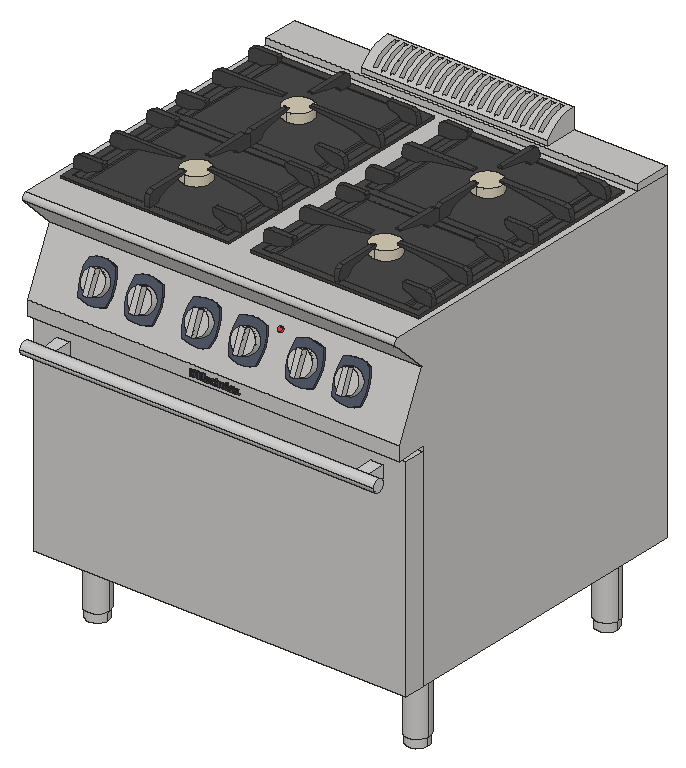
Revit family "QF_ELECTROLUXPROFESSIONAL_371003_E7GCGH4CE0", category Specialty Equipment, Revit 2018 (continued)
Automatic sketch dimensions
  Extrusion 26 sketch curve to Extrusion 26 sketch curve = 1.547 mm
  Extrusion 26 sketch curve to Extrusion 26 sketch curve = 0.717 mm  (x2)
  Extrusion 26 sketch curve to Extrusion 26 sketch curve = 1.667 mm
  plane 7 "Center Y" to Extrusion 26 sketch curve = 44.532 mm
  Extrusion 26 sketch curve to Extrusion 26 sketch curve = 3.174 mm
  plane 7 "Center Y" to Extrusion 26 sketch curve = 0.368 mm
  Extrusion 26 sketch curve to Extrusion 26 sketch curve = 0.388 mm
  Extrusion 26 sketch curve to Extrusion 26 sketch curve = 1.342 mm
  plane 7 "Center Y" to Extrusion 26 sketch curve = 50.135 mm
  Extrusion 26 sketch curve to Extrusion 26 sketch curve = 1.521 mm
  plane 7 "Center Y" to Extrusion 26 sketch curve = 51.694 mm
  Extrusion 26 sketch curve to Extrusion 26 sketch curve = 0.124 mm
  Extrusion 26 sketch curve to Extrusion 26 sketch curve = 0.291 mm
  plane 7 "Center Y" to Extrusion 26 sketch curve = 7.285 mm
  Extrusion 26 sketch curve to Extrusion 26 sketch curve = 1.049 mm  (x2)
  plane 7 "Center Y" to Extrusion 26 sketch curve = 47.668 mm
  Extrusion 26 sketch curve to Extrusion 26 sketch curve = 1.7 mm
  Extrusion 26 sketch curve to Extrusion 26 sketch curve = 0.894 mm
  Extrusion 26 sketch curve to Extrusion 26 sketch curve = 0.989 mm
  Extrusion 26 sketch curve to Extrusion 26 sketch curve = 1.168 mm
  Extrusion 26 sketch curve to Extrusion 26 sketch curve = 1.594 mm
  Extrusion 26 sketch curve to Extrusion 26 sketch curve = 0.731 mm
  Extrusion 26 sketch curve to Extrusion 26 sketch curve = 1.566 mm
  Extrusion 26 sketch curve to Extrusion 26 sketch curve = 0.064 mm
  plane 7 "Center Y" to Extrusion 26 sketch curve = 7.842 mm
  Extrusion 26 sketch curve to Extrusion 26 sketch curve = 0.556 mm
  Extrusion 26 sketch curve to Extrusion 26 sketch curve = 0.48 mm
  Extrusion 26 sketch curve to Extrusion 26 sketch curve = 0.228 mm
  Extrusion 26 sketch curve to Extrusion 26 sketch curve = 1.018 mm
  plane 7 "Center Y" to Extrusion 26 sketch curve = 37.429 mm
  Extrusion 26 sketch curve to Extrusion 26 sketch curve = 0.787 mm
  Extrusion 26 sketch curve to Extrusion 26 sketch curve = 0.618 mm
  plane 7 "Center Y" to Extrusion 26 sketch curve = 42.486 mm
  Extrusion 26 sketch curve to Extrusion 26 sketch curve = 1.672 mm
  plane 7 "Center Y" to Extrusion 26 sketch curve = 53.436 mm
  Extrusion 26 sketch curve to Extrusion 26 sketch curve = 1.361 mm
  Extrusion 26 sketch curve to Extrusion 26 sketch curve = 0.822 mm
  Extrusion 26 sketch curve to Extrusion 26 sketch curve = 0.069 mm
  Extrusion 26 sketch curve to Extrusion 26 sketch curve = 1.88 mm
  plane 7 "Center Y" to Extrusion 26 sketch curve = 35.269 mm
  Extrusion 26 sketch curve to Extrusion 26 sketch curve = 0.42 mm
  Extrusion 26 sketch curve to Extrusion 26 sketch curve = 0.062 mm
  Extrusion 26 sketch curve to Extrusion 26 sketch curve = 1.355 mm
  Extrusion 26 sketch curve to Extrusion 26 sketch curve = 2.34 mm
  Extrusion 26 sketch curve to Extrusion 26 sketch curve = 0.493 mm
  Extrusion 26 sketch curve to Extrusion 26 sketch curve = 0.136 mm
  Extrusion 26 sketch curve to Extrusion 26 sketch curve = 0.128 mm
  Extrusion 26 sketch curve to Extrusion 26 sketch curve = 3.616 mm
  Extrusion 26 sketch curve to Extrusion 26 sketch curve = 4.207 mm
  Extrusion 26 sketch curve to Extrusion 26 sketch curve = 0.183 mm
  Extrusion 26 sketch curve to Extrusion 26 sketch curve = 0.895 mm
  Extrusion 26 sketch curve to Extrusion 26 sketch curve = 1.314 mm
  Extrusion 26 sketch curve to Extrusion 26 sketch curve = 3.231 mm
  Extrusion 26 sketch curve to plane 7 "Center Y" = 23.526 mm
  Extrusion 26 sketch curve to Extrusion 26 sketch curve = 1.299 mm
  Extrusion 26 sketch curve to Extrusion 26 sketch curve = 1.214 mm
  plane 7 "Center Y" to Extrusion 26 sketch curve = 26.369 mm
  Extrusion 26 sketch curve to Extrusion 26 sketch curve = 1.264 mm
  Extrusion 26 sketch curve to Extrusion 26 sketch curve = 0.109 mm
  Extrusion 26 sketch curve to Extrusion 26 sketch curve = 0.357 mm
  Extrusion 26 sketch curve to Extrusion 26 sketch curve = 0.565 mm
  Extrusion 26 sketch curve to Extrusion 26 sketch curve = 2.504 mm
  Extrusion 26 sketch curve to Extrusion 26 sketch curve = 2.459 mm
  Extrusion 26 sketch curve to Extrusion 26 sketch curve = 0.983 mm
  Extrusion 26 sketch curve to Extrusion 26 sketch curve = 0.422 mm  (x2)
  Extrusion 26 sketch curve to Extrusion 26 sketch curve = 1.268 mm
  Extrusion 26 sketch curve to Extrusion 26 sketch curve = 0.671 mm
  Extrusion 26 sketch curve to Extrusion 26 sketch curve = 1.634 mm
  Extrusion 26 sketch curve to Extrusion 26 sketch curve = 0.132 mm
  Extrusion 26 sketch curve to Extrusion 26 sketch curve = 0.586 mm
  Extrusion 26 sketch curve to Extrusion 26 sketch curve = 1.241 mm
  Extrusion 26 sketch curve to Extrusion 26 sketch curve = 1.689 mm
  Extrusion 26 sketch curve to Extrusion 26 sketch curve = 0.627 mm
  Extrusion 26 sketch curve to Extrusion 26 sketch curve = 0.419 mm
  Extrusion 26 sketch curve to Extrusion 26 sketch curve = 1.514 mm
  Extrusion 26 sketch curve to Extrusion 26 sketch curve = 1.019 mm
  Extrusion 26 sketch curve to Extrusion 26 sketch curve = 0.065 mm
  Extrusion 26 sketch curve to Extrusion 26 sketch curve = 1.215 mm
  Extrusion 26 sketch curve to Extrusion 26 sketch curve = 1.122 mm
  Extrusion 26 sketch curve to Extrusion 26 sketch curve = 1.153 mm
  Extrusion 26 sketch curve to Extrusion 26 sketch curve = 1.223 mm
  Extrusion 26 sketch curve to Extrusion 26 sketch curve = 0.934 mm
  Extrusion 26 sketch curve to Extrusion 26 sketch curve = 3.376 mm
  Extrusion 26 sketch curve to Extrusion 26 sketch curve = 0.222 mm
  Extrusion 26 sketch curve to Extrusion 26 sketch curve = 1.383 mm
  Extrusion 26 sketch curve to Extrusion 26 sketch curve = 1.556 mm
  Extrusion 26 sketch curve to Extrusion 26 sketch curve = 2.559 mm
  Extrusion 26 sketch curve to Extrusion 26 sketch curve = 2.51 mm
  Extrusion 26 sketch curve to Extrusion 26 sketch curve = 0.131 mm
  Extrusion 26 sketch curve to Extrusion 26 sketch curve = 1.134 mm
  Extrusion 26 sketch curve to Extrusion 26 sketch curve = 0.094 mm
  Extrusion 26 sketch curve to Extrusion 26 sketch curve = 1.584 mm
  Extrusion 26 sketch curve to Extrusion 26 sketch curve = 0.27 mm
  Extrusion 26 sketch curve to Extrusion 26 sketch curve = 0.916 mm
  Extrusion 26 sketch curve to Extrusion 26 sketch curve = 0.352 mm
  Extrusion 26 sketch curve to Extrusion 26 sketch curve = 0.458 mm
  Extrusion 26 sketch curve to Extrusion 26 sketch curve = 1.282 mm
  Extrusion 26 sketch curve to Extrusion 26 sketch curve = 1.363 mm
  Extrusion 26 sketch curve to Extrusion 26 sketch curve = 0.685 mm
  Extrusion 26 sketch curve to Extrusion 26 sketch curve = 0.905 mm
  Extrusion 26 sketch curve to Extrusion 26 sketch curve = 1.477 mm
  Extrusion 26 sketch curve to Extrusion 26 sketch curve = 0.472 mm
  Extrusion 26 sketch curve to Extrusion 26 sketch curve = 0.101 mm
  Extrusion 26 sketch curve to Extrusion 26 sketch curve = 0.54 mm
  Extrusion 26 sketch curve to Extrusion 26 sketch curve = 0.02 mm
  Extrusion 26 sketch curve to Extrusion 26 sketch curve = 0.829 mm
  Extrusion 26 sketch curve to Extrusion 26 sketch curve = 0.582 mm
  Extrusion 26 sketch curve to Extrusion 26 sketch curve = 0.166 mm
  Extrusion 26 sketch curve to Extrusion 26 sketch curve = 0.16 mm
  Extrusion 26 sketch curve to Extrusion 26 sketch curve = 1.118 mm
  Extrusion 26 sketch curve to Extrusion 26 sketch curve = 0.613 mm
  Extrusion 26 sketch curve to Extrusion 26 sketch curve = 0.781 mm
  Extrusion 26 sketch curve to Extrusion 26 sketch curve = 0.361 mm
  Extrusion 26 sketch curve to Extrusion 26 sketch curve = 0.897 mm
  Extrusion 26 sketch curve to Extrusion 26 sketch curve = 0.167 mm
  Extrusion 26 sketch curve to Extrusion 26 sketch curve = 0.292 mm
  Extrusion 26 sketch curve to Extrusion 26 sketch curve = 0.305 mm
  Extrusion 26 sketch curve to Extrusion 26 sketch curve = 1.557 mm
  Extrusion 26 sketch curve to Extrusion 26 sketch curve = 2.499 mm
  Extrusion 26 sketch curve to Extrusion 26 sketch curve = 3.062 mm
  Extrusion 26 sketch curve to Extrusion 26 sketch curve = 2.968 mm
  Extrusion 26 sketch curve to Extrusion 26 sketch curve = 5.044 mm
  Extrusion 26 sketch curve to Extrusion 26 sketch curve = 0.629 mm  (x2)
  Extrusion 26 sketch curve to Extrusion 26 sketch curve = 1.131 mm
  Extrusion 26 sketch curve to Extrusion 26 sketch curve = 0.137 mm
  Extrusion 26 sketch curve to Extrusion 26 sketch curve = 0.027 mm
  Extrusion 26 sketch curve to Extrusion 26 sketch curve = 2.046 mm
  Extrusion 26 sketch curve to Extrusion 26 sketch curve = 2.235 mm
  radius of Extrusion 9 sketch curve = 12.7 mm
  radius of Extrusion 12 sketch curve = 25.4 mm  (x6)
  radius of Extrusion 13 sketch curve = 6.35 mm
  radius of Extrusion 24 sketch curve = 5 mm
  radius of Extrusion 25 sketch curve = 3.175 mm
Nested families
  nested 1: "371009_BURNER" at (8.5, -5, 0), type "371009_BURNER"
    with Type Mark "", Status "", Specification by User "", Revision Code "", Item Number "", Installed By "", Identify Quantity as Lot yes, Furnished By "", Foodservice Equipment Identifier yes
  nested 2: "371009_BURNER" at (8.5, -739.127, 0), type "371009_BURNER"
    with Type Mark "", Status "", Specification by User "", Revision Code "", Item Number "", Installed By "", Identify Quantity as Lot yes, Furnished By "", Foodservice Equipment Identifier yes
  nested 3: "371009_BURNER" at (416.5, -5, 0), type "371009_BURNER"
    with Type Mark "", Status "", Specification by User "", Revision Code "", Item Number "", Installed By "", Identify Quantity as Lot yes, Furnished By "", Foodservice Equipment Identifier yes
  nested 4: "371009_BURNER" at (416.5, -739.127, 0), type "371009_BURNER"
    with Type Mark "", Status "", Specification by User "", Revision Code "", Item Number "", Installed By "", Identify Quantity as Lot yes, Furnished By "", Foodservice Equipment Identifier yes
Connectors
  piping at (747.613, -464, 141.185), diameter 12.8
    settings: on Extrusion 13, index 1, connector inside diameter 0.50394", connector length 0 mm, flow factor 0, pipe flow 0 GPM, pressure drop 0.00 psi, fitting loss kfactor 0, connector angle 0.00°, fixture units 0, engagement length 0 mm, angle of deflection 0.00°, flow configuration 1, flow direction 1, fitting loss method 0, system type 7, joint type 0, gender type 0, connector reference index -1, connector utility 0, adjustable connector no, is connector primary yes, connector description "Gas Inlet"
  electrical at (747.612, -514, 148.088), driven by "Volts", driven by "Watts"
    settings: on Extrusion 25, index 2, voltage 400 V, apparent load 6000 VA, apparent load phase1 0 VA, apparent load phase2 0 VA, apparent load phase3 0 VA, power factor 1, load classification "Other", number of poles 1, system type 30, power factor state 1, is connector primary yes, connector utility no, sub classification motor no, connector description "Electrical Connection"
Definition of nested family "371009_BURNER"
  Parameters
    Weight in Pounds = 0
    URL Cutsheet = ""
    URL = "www.electrolux.com"
    Type Mark [instance] = ""
    Status [instance] = ""
    Specification by User [instance] = ""
    Specification by Manufacturer = ""
    Serial Number = ""
    Seismic Rating = ""
    SMACNA No = ""
    Revision Code [instance] = ""
    Omniclass Number and Title = ""
    NAFEM Spec ID Number = ""
    Model = "371009"
    Masterspec = ""
    Manufacturer = "ELECTROLUX"
    Item Number [instance] = ""
    Installed By [instance] = ""
    Identify Quantity as Lot [instance] = yes
    Furnished By [instance] = ""
    Foodservice Equipment Identifier [instance] = yes
    Description = ""
    CSI MasterFormat = ""
    CSI Master Format = ""
  Reference planes
    plane 1 "BACK": y = 0
    plane 2: z = 0
    plane 3 "LEFT": x = 0
    plane 4 "RIGHT": x = 800
    plane 5 "FRONT": y = -700
    plane 6 "TOP": z = 908.85
    plane 7 "Center Y": x = 400
    plane 8 "Center X": y = -350
    plane 9 "Base": z = 150
    plane 10: z = 850.85
  Forms (mm)
    Extrusion 1, solid
      sketch origin (0, -734.127, 5) x (1, 0, 0) y (0, 0, -1)
        loop
          arc (7.142, -850.85) -> (6.739, -862.989) -> (9.761, -874.752) r 42.809
          line (9.761, -874.752) -> (19.961, -879.425) -> (157.339, -879.425)
          arc (157.339, -879.425) -> (158.533, -878.312) -> (157.506, -877.043) r 1.197
          line (157.506, -877.043) -> (64.848, -864.021)
          arc (64.848, -864.021) -> (50.111, -858.738) -> (36.589, -850.85) r 85.245
          line (36.589, -850.85) -> (7.142, -850.85)
        loop
          line (367.858, -850.85) -> (338.411, -850.85)
          arc (338.411, -850.85) -> (324.889, -858.738) -> (310.152, -864.021) r 85.245
          line (310.152, -864.021) -> (217.494, -877.043)
          arc (217.494, -877.043) -> (216.467, -878.312) -> (217.661, -879.425) r 1.197
          line (217.661, -879.425) -> (355.039, -879.425) -> (365.239, -874.752)
          arc (365.239, -874.752) -> (368.261, -862.989) -> (367.858, -850.85) r 42.809
      from 224.564 to 234.564
    Extrusion 2, solid
      sketch origin (0, -734.127, 5) x (1, 0, 0) y (0, 0, -1)
        loop
          arc (7.056, -850.85) -> (6.705, -862.948) -> (9.748, -874.663) r 42.876
          line (9.748, -874.663) -> (19.961, -879.425) -> (65.851, -879.425)
          arc (65.851, -879.425) -> (68.577, -878.352) -> (69.841, -875.709) r 4
          arc (69.841, -875.709) -> (68.75, -869.25) -> (64.816, -864.012) r 13.87
          arc (64.816, -864.012) -> (50.096, -858.731) -> (36.589, -850.85) r 85.245
          line (36.589, -850.85) -> (7.056, -850.85)
        loop
          line (367.944, -850.85) -> (338.411, -850.85)
          arc (338.411, -850.85) -> (324.904, -858.731) -> (310.184, -864.012) r 85.245
          arc (310.184, -864.012) -> (306.25, -869.25) -> (305.159, -875.709) r 13.87
          arc (305.159, -875.709) -> (306.423, -878.352) -> (309.149, -879.425) r 4
          line (309.149, -879.425) -> (355.039, -879.425) -> (365.252, -874.663)
          arc (365.252, -874.663) -> (368.295, -862.948) -> (367.944, -850.85) r 42.876
      from 127.064 to 137.064
    Extrusion 3, solid
      sketch origin (0, -275, 5) x (1, 0, 0) y (0, 0, 1)
        loop
          arc (64.816, 864.012) -> (68.75, 869.25) -> (69.841, 875.709) r 13.87
          arc (69.841, 875.709) -> (68.577, 878.352) -> (65.851, 879.425) r 4
          line (65.851, 879.425) -> (19.961, 879.425) -> (9.748, 874.663)
          arc (9.748, 874.663) -> (6.705, 862.948) -> (7.056, 850.85) r 42.876
          line (7.056, 850.85) -> (36.589, 850.85)
          arc (36.589, 850.85) -> (50.096, 858.731) -> (64.816, 864.012) r 85.245
        loop
          arc (310.184, 864.012) -> (324.904, 858.731) -> (338.411, 850.85) r 85.245
          line (338.411, 850.85) -> (367.944, 850.85)
          arc (367.944, 850.85) -> (368.295, 862.948) -> (365.252, 874.663) r 42.876
          line (365.252, 874.663) -> (355.039, 879.425) -> (309.149, 879.425)
          arc (309.149, 879.425) -> (306.423, 878.352) -> (305.159, 875.709) r 4
          arc (305.159, 875.709) -> (306.25, 869.25) -> (310.184, 864.012) r 13.87
      from 127.064 to 137.064
    Extrusion 4, solid
      sketch origin (454.964, -29.48, 5) x (0, -1, 0) y (0, 0, 1)
        loop
          arc (366.649, 850.85) -> (375.927, 861.743) -> (389.337, 866.736) r 28.426
          line (389.337, 866.736) -> (441.256, 877.043)
          arc (441.256, 877.043) -> (442.283, 878.312) -> (441.089, 879.425) r 1.197
          line (441.089, 879.425) -> (347.797, 879.425)
          arc (347.797, 879.425) -> (343.211, 875.934) -> (337.583, 874.694) r 13.39
          line (337.583, 874.694) -> (337.583, 850.85) -> (366.649, 850.85)
        loop
          arc (606.236, 850.85) -> (606.587, 862.948) -> (603.543, 874.663) r 42.876
          line (603.543, 874.663) -> (593.33, 879.425) -> (509.077, 879.425)
          arc (509.077, 879.425) -> (507.883, 878.312) -> (508.911, 877.043) r 1.197
          line (508.911, 877.043) -> (560.83, 866.736)
          arc (560.83, 866.736) -> (574.239, 861.743) -> (583.518, 850.85) r 28.426
          line (583.518, 850.85) -> (606.236, 850.85)
      from 262.464 to 272.464
    Extrusion 5, solid
      sketch origin (0, 0, 850.85) x (0, -1, 0) y (1, 0, 0)
        loop
          line (642.216, 6.433) -> (642.216, 368.567) -> (367.857, 368.567) -> (367.857, 6.433) -> (642.216, 6.433)
        loop
          line (382.857, 21.433) -> (627.216, 21.433) -> (627.216, 353.567) -> (382.857, 353.567) -> (382.857, 21.433)
      from 0 to 5
    Extrusion 6, solid
      sketch origin (-12.5, 0, 855.85) x (0, -1, 0) y (1, 0, 0)
        loop
          circle (504.356, 200) r 30
      from -1.321 to 17.134
    Extrusion 7, solid
      sketch origin (0, -734.127, 0) x (1, 0, 0) y (0, 0, -1)
        loop
          line (21.433, -855.85) -> (36.589, -855.85)
          arc (36.589, -855.85) -> (40.561, -855.243) -> (44.305, -853.783) r 18.259
          arc (44.305, -853.783) -> (45.997, -853.366) -> (47.69, -853.783) r 3.649
          arc (47.69, -853.783) -> (49.901, -854.522) -> (52.232, -854.529) r 7.328
          line (52.232, -854.529) -> (322.768, -854.529)
          arc (322.768, -854.529) -> (325.099, -854.522) -> (327.31, -853.783) r 7.328
          arc (327.31, -853.783) -> (329.003, -853.366) -> (330.695, -853.783) r 3.649
          arc (330.695, -853.783) -> (334.439, -855.243) -> (338.411, -855.85) r 18.259
          line (338.411, -855.85) -> (353.567, -855.85) -> (353.567, -850.85) -> (21.433, -850.85) -> (21.433, -855.85)
      from 106.911 to 351.27
  Lines and regions (mm)
    symbolic lines
      curve 1: line (6.433, -642.216, 150) -> (368.567, -642.216, 150)
      curve 2: line (6.433, -367.857, 150) -> (6.433, -642.216, 150)
      curve 3: line (368.567, -367.857, 150) -> (192.5, -367.857, 150)
      curve 4: line (368.567, -642.216, 150) -> (368.567, -367.857, 150)
      curve 5: line (353.567, -382.857, 150) -> (192.5, -382.857, 150)
      curve 6: line (353.567, -627.216, 150) -> (353.567, -607.064, 150)
      curve 7: line (21.433, -627.216, 150) -> (182.5, -627.216, 150)
      curve 8: line (21.433, -382.857, 150) -> (21.433, -402.064, 150)
      curve 9: line (52.232, -627.216, 150) -> (52.232, -607.064, 150)
      curve 10: line (322.567, -382.857, 150) -> (322.567, -402.064, 150)
      curve 11: line (148.125, -499.564, 150) -> (148.125, -382.857, 150)
      curve 12: line (154.375, -382.857, 150) -> (154.375, -499.564, 150)
      curve 13: arc (148.297, -509.564, 150) -> (159.191, -533.254, 150) -> (182.5, -544.942, 150) r 39.375
      curve 14: arc (220.42, -509.564, 150) -> (211.39, -528.832, 150) -> (192.5, -538.631, 150) r 33.125
      curve 15: line (220.625, -382.857, 150) -> (220.625, -499.564, 150)
      curve 16: line (226.875, -499.564, 150) -> (226.875, -382.857, 150)
      curve 17: line (192.5, -636.339, 150) -> (192.5, -535.619, 150)
      curve 18: arc (182.657, -474.75, 150) -> (166.195, -483.236, 150) -> (157.853, -499.771, 150) r 30
      curve 19: arc (192.224, -533.982, 150) -> (208.621, -525.661, 150) -> (217.084, -509.337, 150) r 30
      curve 20: line (368.567, -597.064, 150) -> (305.159, -597.064, 150)
      curve 21: line (6.433, -607.064, 150) -> (69.841, -607.064, 150)
      curve 22: line (6.433, -509.564, 150) -> (156.429, -509.564, 150)
      curve 23: line (368.567, -499.564, 150) -> (218.571, -499.564, 150)
      curve 24: line (6.433, -412.064, 150) -> (69.841, -412.064, 150)
      curve 25: line (368.567, -402.064, 150) -> (305.159, -402.064, 150)
      curve 26: line (69.841, -597.064, 150) -> (6.433, -597.064, 150)
      curve 27: line (305.159, -607.064, 150) -> (368.567, -607.064, 150)
      curve 28: line (69.841, -402.064, 150) -> (6.433, -402.064, 150)
      curve 29: line (305.159, -412.064, 150) -> (368.567, -412.064, 150)
      curve 30: arc (69.841, -597.064, 150) -> (74.841, -602.064, 150) -> (69.841, -607.064, 150) r 5
      curve 31: arc (305.159, -607.064, 150) -> (300.159, -602.064, 150) -> (305.159, -597.064, 150) r 5
      curve 32: arc (69.841, -402.064, 150) -> (74.841, -407.064, 150) -> (69.841, -412.064, 150) r 5
      curve 33: arc (305.159, -412.064, 150) -> (300.159, -407.064, 150) -> (305.159, -402.064, 150) r 5
      curve 34: line (21.433, -412.064, 150) -> (21.433, -499.564, 150)
      curve 35: line (52.232, -402.064, 150) -> (52.232, -382.857, 150)
      curve 36: line (21.433, -509.564, 150) -> (21.433, -597.064, 150)
      curve 37: line (52.232, -499.564, 150) -> (52.232, -412.064, 150)
      curve 38: line (52.232, -597.064, 150) -> (52.232, -509.564, 150)
      curve 39: line (21.433, -607.064, 150) -> (21.433, -627.216, 150)
      curve 40: line (322.567, -607.064, 150) -> (322.567, -627.216, 150)
      curve 41: line (353.567, -597.064, 150) -> (353.567, -509.564, 150)
      curve 42: line (322.567, -509.564, 150) -> (322.567, -597.064, 150)
      curve 43: line (353.567, -499.564, 150) -> (353.567, -412.064, 150)
      curve 44: line (353.567, -402.064, 150) -> (353.567, -382.857, 150)
      curve 45: line (322.567, -412.064, 150) -> (322.567, -499.564, 150)
      curve 46: line (156.429, -499.564, 150) -> (6.433, -499.564, 150)
      curve 47: line (218.571, -509.564, 150) -> (368.567, -509.564, 150)
      curve 48: arc (218.571, -499.564, 150) -> (213.571, -504.564, 150) -> (218.571, -509.564, 150) r 5
      curve 49: arc (156.429, -499.564, 150) -> (161.429, -504.564, 150) -> (156.429, -509.564, 150) r 5
      curve 50: arc (157.916, -509.337, 150) -> (166.379, -525.661, 150) -> (182.776, -533.982, 150) r 30
      curve 51: arc (217.147, -499.771, 150) -> (208.805, -483.236, 150) -> (192.343, -474.75, 150) r 30
      curve 52: line (182.5, -535.619, 150) -> (182.5, -636.339, 150)
      curve 53: line (192.5, -473.508, 150) -> (192.5, -367.064, 150)
      curve 54: arc (192.5, -535.619, 150) -> (187.5, -530.619, 150) -> (182.5, -535.619, 150) r 5
      curve 55: arc (192.5, -473.508, 150) -> (187.5, -478.508, 150) -> (182.5, -473.508, 150) r 5
      curve 56: line (182.5, -367.857, 150) -> (6.433, -367.857, 150)
      curve 57: line (182.5, -382.857, 150) -> (21.433, -382.857, 150)
      curve 58: arc (192.5, -404.571, 150) -> (196.398, -417.071, 150) -> (192.5, -429.571, 150) r 21.993
      curve 59: arc (196.181, -420.148, 150) -> (199.482, -417.071, 150) -> (196.181, -413.995, 150) r 3.084
      curve 60: arc (182.5, -404.571, 150) -> (178.602, -417.071, 150) -> (182.5, -429.571, 150) r 21.993
      curve 61: arc (178.819, -420.148, 150) -> (175.518, -417.071, 150) -> (178.819, -413.995, 150) r 3.084
      curve 62: line (182.5, -367.064, 150) -> (182.5, -473.508, 150)
      curve 63: arc (182.5, -538.631, 150) -> (163.61, -528.832, 150) -> (154.58, -509.564, 150) r 33.125
      curve 64: arc (192.5, -544.942, 150) -> (215.809, -533.254, 150) -> (226.703, -509.564, 150) r 39.375
      curve 65: line (182.5, -636.339, 150) -> (192.5, -636.339, 150)
      curve 66: line (182.5, -377.277, 150) -> (192.5, -377.277, 150)
      curve 67: line (182.5, -367.064, 150) -> (192.5, -367.064, 150)
      curve 68: line (192.5, -627.216, 150) -> (353.567, -627.216, 150)
  Dimensions and locks
    equal spacing: plane 3 "LEFT", plane 7 "Center Y", plane 4 "RIGHT"
    plane 3 "LEFT" to plane 4 "RIGHT" = 800 mm
    equal spacing: plane 5 "FRONT", plane 8 "Center X", plane 1 "BACK"
    plane 5 "FRONT" to plane 1 "BACK" = 700 mm
    plane 6 "TOP" to level = 908.85 mm
    plane 9 "Base" to level = 150 mm
    plane 6 "TOP" to plane 10 = 58 mm  (x2)
    aligned and locked: level to plane 2
  Automatic sketch dimensions
    Extrusion 5 sketch curve to Extrusion 5 sketch curve = 15 mm  (x2)
    Extrusion 5 sketch curve to Extrusion 5 sketch curve = 332.134 mm
    plane 3 "LEFT" to Extrusion 2 sketch curve = 7.056 mm
    plane 3 "LEFT" to Extrusion 2 sketch curve = 9.748 mm
    Extrusion 2 sketch curve to Extrusion 2 sketch curve = 10.213 mm  (x2)
    plane 10 to Extrusion 2 sketch curve = 5 mm  (x2)
    Extrusion 2 sketch curve to Extrusion 2 sketch curve = 29.533 mm
    Extrusion 2 sketch curve to Extrusion 2 sketch curve = 12.72 mm  (x2)
    Extrusion 2 sketch curve to Extrusion 2 sketch curve = 6.697 mm
    Extrusion 2 sketch curve to Extrusion 2 sketch curve = 8.81 mm
    Extrusion 2 sketch curve to Extrusion 2 sketch curve = 9.845 mm  (x2)
    Extrusion 2 sketch curve to Extrusion 2 sketch curve = 3.99 mm  (x2)
    Extrusion 2 sketch curve to Extrusion 2 sketch curve = 0 mm  (x2)
    Extrusion 2 sketch curve to Extrusion 2 sketch curve = 36.813 mm
    Extrusion 2 sketch curve to plane 7 "Center Y" = 111.122 mm
    Extrusion 2 sketch curve to plane 6 "TOP" = 28.141 mm
    Extrusion 2 sketch curve to plane 7 "Center Y" = 94.841 mm
    Extrusion 2 sketch curve to Extrusion 2 sketch curve = 1.035 mm
    Extrusion 2 sketch curve to Extrusion 2 sketch curve = 15.507 mm
    Extrusion 2 sketch curve to Extrusion 2 sketch curve = 16.628 mm
    Extrusion 2 sketch curve to Extrusion 2 sketch curve = 2.692 mm
    Extrusion 2 sketch curve to plane 6 "TOP" = 24.425 mm
    Extrusion 2 sketch curve to Extrusion 2 sketch curve = 28.575 mm
    Extrusion 2 sketch curve to Extrusion 2 sketch curve = 3.716 mm
    Extrusion 2 sketch curve to Extrusion 2 sketch curve = 4.763 mm  (x2)
    plane 3 "LEFT" to Extrusion 1 sketch curve = 7.142 mm
    plane 3 "LEFT" to Extrusion 1 sketch curve = 9.761 mm
    Extrusion 1 sketch curve to Extrusion 1 sketch curve = 10.201 mm  (x2)
    plane 10 to Extrusion 1 sketch curve = 5 mm  (x2)
    Extrusion 1 sketch curve to Extrusion 1 sketch curve = 29.447 mm
    Extrusion 1 sketch curve to Extrusion 1 sketch curve = 12.704 mm  (x2)
    Extrusion 1 sketch curve to Extrusion 1 sketch curve = 15.555 mm  (x2)
    Extrusion 1 sketch curve to Extrusion 1 sketch curve = 36.829 mm
    Extrusion 1 sketch curve to plane 6 "TOP" = 24.425 mm  (x2)
    Extrusion 1 sketch curve to Extrusion 1 sketch curve = 92.491 mm
    Extrusion 1 sketch curve to plane 6 "TOP" = 26.807 mm  (x2)
    Extrusion 1 sketch curve to Extrusion 1 sketch curve = 0.167 mm  (x2)
    Extrusion 1 sketch curve to Extrusion 1 sketch curve = 59.988 mm
    Extrusion 1 sketch curve to plane 7 "Center Y" = 111.122 mm
    plane 10 to Extrusion 1 sketch curve = 18.171 mm
    Extrusion 1 sketch curve to Extrusion 1 sketch curve = 21.274 mm
    Extrusion 1 sketch curve to Extrusion 1 sketch curve = 16.628 mm
    Extrusion 1 sketch curve to Extrusion 1 sketch curve = 2.618 mm
    Extrusion 1 sketch curve to Extrusion 1 sketch curve = 4.673 mm  (x2)
    Extrusion 1 sketch curve to Extrusion 1 sketch curve = 5.694 mm
    plane 3 "LEFT" to Extrusion 3 sketch curve = 7.056 mm
    plane 3 "LEFT" to Extrusion 3 sketch curve = 9.748 mm
    Extrusion 3 sketch curve to Extrusion 3 sketch curve = 10.213 mm  (x2)
    plane 10 to Extrusion 3 sketch curve = 5 mm  (x2)
    Extrusion 3 sketch curve to Extrusion 3 sketch curve = 29.533 mm
    Extrusion 3 sketch curve to Extrusion 3 sketch curve = 12.72 mm  (x2)
    Extrusion 3 sketch curve to Extrusion 3 sketch curve = 6.697 mm
    Extrusion 3 sketch curve to Extrusion 3 sketch curve = 8.81 mm
    Extrusion 3 sketch curve to Extrusion 3 sketch curve = 9.845 mm  (x2)
    Extrusion 3 sketch curve to Extrusion 3 sketch curve = 3.99 mm  (x2)
    Extrusion 3 sketch curve to Extrusion 3 sketch curve = 0 mm  (x2)
    Extrusion 3 sketch curve to Extrusion 3 sketch curve = 36.813 mm
    Extrusion 3 sketch curve to plane 7 "Center Y" = 111.122 mm
    Extrusion 3 sketch curve to plane 6 "TOP" = 28.141 mm
    Extrusion 3 sketch curve to plane 7 "Center Y" = 94.841 mm
    Extrusion 3 sketch curve to Extrusion 3 sketch curve = 1.035 mm
    Extrusion 3 sketch curve to Extrusion 3 sketch curve = 15.507 mm
    Extrusion 3 sketch curve to Extrusion 3 sketch curve = 16.628 mm
    Extrusion 3 sketch curve to Extrusion 3 sketch curve = 2.692 mm
    Extrusion 3 sketch curve to plane 10 = 64.377 mm  (x2)
    plane 10 to Extrusion 3 sketch curve = 12.281 mm  (x2)
    Extrusion 3 sketch curve to Extrusion 3 sketch curve = 10.713 mm
    Extrusion 5 to Extrusion 6 sketch curve = 121.499 mm
    Extrusion 5 to Extrusion 6 sketch curve = 166.067 mm
    plane 3 "LEFT" to Extrusion 5 sketch curve = 21.433 mm
    Extrusion 5 sketch curve to plane 5 "FRONT" = 72.784 mm
    plane 3 "LEFT" to Extrusion 7 sketch curve = 21.433 mm
    Extrusion 7 sketch curve to Extrusion 7 sketch curve = 14.402 mm
    plane 10 to Extrusion 7 sketch curve = 5 mm
    plane 10 to Extrusion 7 sketch curve = 2.933 mm  (x4)
    Extrusion 7 sketch curve to Extrusion 7 sketch curve = 7.716 mm  (x2)
    Extrusion 7 sketch curve to Extrusion 7 sketch curve = 0 mm  (x2)
    Extrusion 7 sketch curve to Extrusion 7 sketch curve = 1.692 mm  (x2)
    Extrusion 7 sketch curve to Extrusion 7 sketch curve = 3.385 mm  (x2)
    Extrusion 7 sketch curve to plane 10 = 3.559 mm  (x2)
    Extrusion 7 sketch curve to Extrusion 7 sketch curve = 302.478 mm
    Extrusion 7 sketch curve to Extrusion 7 sketch curve = 15.253 mm
    Extrusion 7 sketch curve to Extrusion 7 sketch curve = 15.156 mm  (x2)
    Extrusion 7 sketch curve to Extrusion 7 sketch curve = 3.233 mm
    Extrusion 7 sketch curve to plane 10 = 0 mm
    Extrusion 7 sketch curve to plane 7 "Center Y" = 77.232 mm
    Extrusion 5 sketch curve to plane 8 "Center X" = 32.857 mm
    plane 3 "LEFT" to Extrusion 5 sketch curve = 6.433 mm
    plane 1 "BACK" to Extrusion 5 sketch curve = 367.857 mm
    plane 10 to Extrusion 4 sketch curve = 5 mm  (x2)
    Extrusion 4 sketch curve to Extrusion 4 sketch curve = 29.066 mm
    Extrusion 4 sketch curve to Extrusion 4 sketch curve = 22.688 mm
    Extrusion 4 sketch curve to plane 10 = 7.392 mm  (x2)
    Extrusion 4 sketch curve to Extrusion 4 sketch curve = 25.583 mm
    Extrusion 4 sketch curve to plane 6 "TOP" = 24.425 mm  (x2)
    Extrusion 4 sketch curve to Extrusion 4 sketch curve = 51.752 mm
    Extrusion 4 sketch curve to Extrusion 4 sketch curve = 0.167 mm  (x2)
    Extrusion 4 sketch curve to plane 6 "TOP" = 26.807 mm
    Extrusion 4 sketch curve to Extrusion 4 sketch curve = 67.655 mm
    Extrusion 4 sketch curve to Extrusion 4 sketch curve = 49.024 mm
    Extrusion 4 sketch curve to Extrusion 4 sketch curve = 2.895 mm
    Extrusion 4 sketch curve to Extrusion 4 sketch curve = 3.153 mm
    Extrusion 4 sketch curve to Extrusion 4 sketch curve = 19.535 mm
    Extrusion 4 sketch curve to Extrusion 4 sketch curve = 9.813 mm
    Extrusion 4 sketch curve to Extrusion 4 sketch curve = 10.213 mm
    Extrusion 4 sketch curve to Extrusion 4 sketch curve = 22.718 mm
    Extrusion 4 sketch curve to Extrusion 4 sketch curve = 8.605 mm
    Extrusion 4 sketch curve to Extrusion 4 sketch curve = 4.731 mm
    Extrusion 4 sketch curve to Extrusion 4 sketch curve = 2.382 mm
    Extrusion 4 sketch curve to Extrusion 4 sketch curve = 8.658 mm
    Extrusion 4 sketch curve to plane 8 "Center X" = 17.064 mm
    curve 13 to curve 14 = 0 mm  (x2)
    curve 13 to curve 63 = 0 mm  (x2)
    curve 13 to curve 64 = 0 mm  (x2)
    curve 18 to curve 19 = 0 mm  (x2)
    curve 18 to curve 50 = 0 mm  (x2)
    curve 18 to curve 51 = 0 mm  (x2)
    curve 25 to plane 7 "Center Y" = 31.433 mm
    curve 3 to curve 44 = 15 mm
    curve 43 to curve 44 = 0 mm
    curve 1 to curve 68 = 15 mm
    curve 41 to curve 43 = 0 mm
    curve 6 to curve 40 = 31 mm
    curve 41 to curve 42 = 31 mm
    curve 43 to curve 45 = 31 mm
    curve 10 to curve 45 = 0 mm
    curve 40 to curve 27 = 17.408 mm
    curve 45 to curve 29 = 17.408 mm
    curve 16 to curve 64 = 0.172 mm
    curve 16 to curve 15 = 6.25 mm
    curve 64 to curve 14 = 6.283 mm
    curve 15 to curve 23 = 2.054 mm
    curve 23 to curve 51 = 1.424 mm
    curve 47 to curve 19 = 1.487 mm
    curve 15 to curve 60 = 20.029 mm
    curve 60 to curve 59 = 4.198 mm
    curve 59 to curve 59 = 0.216 mm  (x2)
    curve 19 to curve 64 = 24.584 mm
    curve 55 to curve 51 = 0.157 mm
    curve 54 to curve 19 = 0.276 mm
    curve 19 to curve 64 = 4.724 mm
    curve 18 to curve 13 = 0 mm
    curve 54 to curve 54 = 5 mm
    curve 50 to curve 54 = 0.276 mm
    curve 18 to curve 55 = 0.157 mm
    curve 60 to curve 61 = 3.681 mm
    curve 61 to curve 61 = 0 mm
    curve 61 to curve 61 = 0.216 mm
    curve 61 to curve 58 = 4.198 mm
    curve 13 to curve 50 = 29.584 mm
    curve 50 to curve 18 = 0.064 mm
    curve 50 to curve 22 = 1.487 mm
    curve 22 to curve 63 = 1.849 mm
    curve 49 to curve 12 = 2.054 mm
    curve 63 to curve 13 = 6.283 mm
    curve 12 to curve 11 = 6.25 mm
    plane 3 "LEFT" to curve 30 = 69.841 mm
    plane 3 "LEFT" to curve 28 = 69.841 mm
    plane 3 "LEFT" to curve 38 = 52.232 mm
    curve 24 to curve 37 = 17.609 mm
    curve 9 to curve 38 = 0 mm
    curve 28 to curve 35 = 17.609 mm
    plane 3 "LEFT" to curve 39 = 21.433 mm
    plane 3 "LEFT" to curve 8 = 21.433 mm
    curve 34 to curve 8 = 0 mm
    curve 36 to curve 34 = 0 mm
    plane 3 "LEFT" to curve 21 = 6.433 mm
    curve 67 to curve 56 = 0.794 mm
    curve 67 to curve 3 = 0.794 mm
    curve 56 to curve 66 = 9.419 mm
    curve 10 to curve 33 = 19.206 mm
    curve 8 to curve 8 = 19.206 mm
    curve 57 to curve 60 = 21.714 mm
    curve 60 to curve 58 = 0 mm
    curve 28 to curve 32 = 5 mm
    curve 33 to curve 33 = 5 mm
    curve 58 to curve 59 = 9.423 mm
    curve 61 to curve 58 = 3.077 mm
    curve 60 to curve 62 = 43.937 mm
    curve 51 to curve 15 = 24.814 mm
    curve 23 to curve 51 = 0.207 mm
    curve 18 to curve 13 = 1.529 mm
    curve 38 to curve 38 = 87.5 mm
    curve 42 to curve 31 = 87.5 mm
    curve 26 to curve 30 = 5 mm
    curve 31 to curve 31 = 5 mm
    curve 9 to curve 9 = 20.152 mm
    curve 65 to plane 5 "FRONT" = 63.661 mm
    curve 6 to curve 4 = 15 mm
    curve 55 to curve 55 = 5 mm
    curve 53 to curve 18 = 5 mm
    curve 45 to curve 16 = 95.692 mm
    curve 2 to curve 57 = 15 mm
    curve 10 to plane 8 "Center X" = 32.857 mm
    curve 57 to plane 8 "Center X" = 32.857 mm
    curve 6 to curve 68 = 20.152 mm
    radius of Extrusion 6 sketch curve = 30 mm
